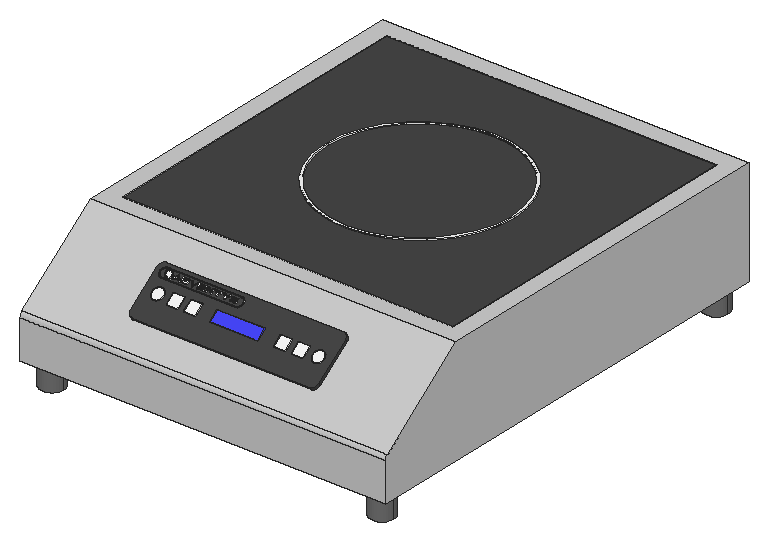
Revit family "QF_ADVENTYS_GLN_2500_PASTRY_250902082618", category Specialty Equipment, Revit 2021
Family settings
  Round Connector Dimension = Use Diameter
  Part Type = Normal
  OmniClass Number = 23.40.40.14
  OmniClass Title = Food Service Equipment
  Work Plane-Based = No
  Always vertical = Yes
  Cut with Voids When Loaded = No
  Shared = No
  Room Calculation Point = No
Parameters (values of type "ADV1870")
  Weight in Pounds [instance] = 0
  Weight = 4.40 kg
  Warranty Start Date [instance] = ""
  Warranty Duration [instance] = ""
  Volts [instance] = 230 V
  URL Recommended Spares List = ""
  URL Manufacturer = ""
  URL Cutsheet = ""
  URL Critical Spares List = ""
  URL = "www.adventys.com"
  Tag Number [instance] = ""
  Status [instance] = ""
  Specification by User [instance] = ""
  Specification by Manufacturer [instance] = ""
  Sound Level [instance] = ""
  Solid Fuel Type [instance] = ""
  Service Life Duration [instance] = ""
  Serial Number [instance] = ""
  Seismic Rating [instance] = ""
  SMACNA No [instance] = ""
  Revision Code [instance] = ""
  Revision [instance] = ""
  Production Year [instance] = ""
  Point Load [instance] = 0
  Phase [instance] = 1
  Other Equipment Approvals [instance] = ""
  Number of Poles [instance] = 2
  NAFEM Spec ID Number [instance] = ""
  Model Warning [instance] = ""
  Model = "GLN 2500 PASTRY"
  Min Ckt Ampacity [instance] = 0 A
  Max Overcurrent Protection [instance] = 16 A
  Masterspec [instance] = ""
  Manufacturer = "ADVENTYS"
  Length Actual = 310 mm
  Item Number [instance] = ""
  Installed By [instance] = ""
  Installation Date [instance] = ""
  Identify Quantity as Lot [instance] = no
  ID [instance] = ""
  Hygiene Approval [instance] = ""
  Hot Water Consumption = 0.0 L/s
  Height Actual = 110 mm
  HP power [instance] = ""
  Furnished By [instance] = ""
  Foodservice Equipment Identifier [instance] = no
  FL Amps [instance] = 11 A
  Electrical Remarks [instance] = "Plug not included"
  Electric power [instance] = 0 W
  Electric Connection Type [instance] = "Cord&Plug"
  Elec Conn RI Height [instance] = 0 mm
  Elec Conn Connection Height [instance] = 0 mm
  ETL Approved [instance] = no
  Description = "1 ZONE UNIT – FREESTANDING INDUCTION COOKING APPLIANCE-2500W"
  Depth Actual = 385 mm
  Default Elevation = 0 mm
  Cycle [instance] = 50 Hz
  Cost = 0
  Conn Plug [instance] = ""
  Conn Conduit [instance] = no
  CSI MasterFormat [instance] = ""
  CE Approved [instance] = no
  Barcode [instance] = 0
  Author [instance] = ""
  Asset Identifier [instance] = ""
  Apparent Power [instance] = 2500 VA
  Accessory = no
Reference planes
  plane 1 "Center (Front/Back)": y = 0
  plane 2: z = 0
  plane 3 "Center (Left/Right)": x = 0
Forms (mm)
  Extrusion 1, solid, not visible
    sketch origin (155.008, -15.001, 20.001) x (1, 0, 0) y (0, 1, 0)
      loop
        line (-2, 2) -> (-2, -2) -> (2, -2) -> (2, 2) -> (-2, 2)
    from -2 to 2
Dimensions and locks
  locked: nested 2 to Extrusion 1 at 2  (x2)
  aligned and locked: level to plane 2
Nested families
  nested 1: "QF_ADVENTYS_ADV1869_2916" at (0, 0, 0), type "ADV1870"
    with Status "", Show Logo yes, Show Clearance yes
  nested 2: "CONN_POINT_ELE_2D___Generic_Annotation" at (155.008, -15.001, 18.001), type "CONN_POINT_ELE_2D___Generic_Annotation"
    with Onboard connection annotation symbol visibility yes
Connectors
  electrical at (155.008, -15.001, 18.001), driven by "Apparent Power", driven by "Number of Poles", driven by "Volts"
    settings: on Extrusion 1, index 1, voltage 230 V, apparent load 0 VA, apparent load phase1 2500 VA, apparent load phase2 0 VA, apparent load phase3 0 VA, power factor 1, load classification "Other", number of poles 2, system type 31, power factor state 1, is connector primary yes, connector utility no, sub classification motor no, connector description "Electrical connection for GLN 2500 PASTRY"
Definition of nested family "QF_ADVENTYS_ADV1869_2916"
  Parameters (values of type "ADV1870")
    URL = "www.adventys.com"
    Status [instance] = ""
    Show Logo [instance] = yes
    Show Clearance [instance] = yes
    Model = "GLN 2500 PASTRY"
    Manufacturer = "ADVENTYS"
    Description = "1 ZONE UNIT – FREESTANDING INDUCTION COOKING APPLIANCE-2500W"
    Default Elevation = 0 mm
    Author = "SPECIFI"
    Assembly Code = "E1090320"
  Types (3, lengths in mm): name | Model | Description
    ADV1702 | "GLN 3500" | "1 ZONE UNIT – FREESTANDING INDUCTION COOKING APPLIANCE-3500W"
    ADV1870 | "GLN 2500 PASTRY" | "1 ZONE UNIT – FREESTANDING INDUCTION COOKING APPLIANCE-2500W"
    ADV1869 | "GLN 3000" | "1 ZONE UNIT – FREESTANDING INDUCTION COOKING APPLIANCE-3000W"
  Reference planes
    plane 1 "Back": y = 0
    plane 2: z = 0
    plane 3 "Left": x = 0
    plane 4 "Right": x = 310
    plane 5 "Front": y = -385
    plane 6 "Top": z = 110
    plane 7: x = 155
    plane 8: y = -155
  Forms (mm)
    Extrusion 1, solid
      sketch origin (0, 0, 0) x (1, 0, 0) y (0, 1, 0)
        loop
          line (0, 0) -> (0, -310) -> (310, -310) -> (310, 0) -> (0, 0)
        loop
          line (15, -15) -> (15, -295) -> (295, -295) -> (295, -15) -> (15, -15)
      from 20 to 110
    Extrusion 2, solid
      sketch origin (0, 0, 0) x (1, 0, 0) y (0, 1, 0)
        loop
          line (15, -15) -> (15, -295) -> (295, -295) -> (295, -15) -> (15, -15)
      from 101.726 to 110
    Extrusion 3, solid
      sketch origin (0, 0, -19.538) x (1, 0, 0) y (0, 1, 0)
        loop
          circle (155, -155) r 80
        loop
          circle (155, -155) r 78
      from 128 to 130
    Extrusion 4, solid
      sketch origin (0, 0, 0) x (0, 1, 0) y (0, 0, 1)
        loop
          line (-310, 20) -> (-310, 110) -> (-382.957, 56.498)
          arc (-382.957, 56.498) -> (-384.46, 54.726) -> (-385, 52.466) r 5
          line (-385, 52.466) -> (-385, 20) -> (-310, 20)
      from 0 to 310
    Extrusion 5, solid
      sketch origin (0, 0, -81.726) x (1, 0, 0) y (0, 1, 0)
        loop
          line (15, -15) -> (15, -295) -> (295, -295) -> (295, -15) -> (15, -15)
      from 101.726 to 110
    Extrusion 6, solid
      sketch origin (0, 0, 0) x (1, 0, 0) y (0, 1, 0)
        loop
          circle (15, -15) r 10
        loop
          circle (295, -15) r 10
        loop
          circle (295, -370) r 10
        loop
          circle (15, -370) r 10
      from 0 to 20
    Extrusion 7, solid
      sketch origin (-4.081, 0, 0) x (0, 1, 0) y (0, 0, 1)
        loop
          line (0, 97.125) -> (0, 91.484) -> (5.641, 91.484)
          arc (5.641, 91.484) -> (3.989, 95.473) -> (0, 97.125) r 5.641
        loop
          line (0, 79.125) -> (0, 73.484) -> (5.641, 73.484)
          arc (5.641, 73.484) -> (3.989, 77.473) -> (0, 79.125) r 5.641
        loop
          line (0, 61.125) -> (0, 55.484) -> (5.641, 55.484)
          arc (5.641, 55.484) -> (3.989, 59.473) -> (0, 61.125) r 5.641
        loop
          line (0, 43.125) -> (0, 37.484) -> (5.641, 37.484)
          arc (5.641, 37.484) -> (3.989, 41.473) -> (0, 43.125) r 5.641
      from 140.518 to 177.644
    Extrusion 8, solid
      sketch origin (53.045, 0, 0) x (0, 1, 0) y (0, 0, 1)
        loop
          line (0, 97.125) -> (0, 91.484) -> (5.641, 91.484)
          arc (5.641, 91.484) -> (3.989, 95.473) -> (0, 97.125) r 5.641
        loop
          line (0, 79.125) -> (0, 73.484) -> (5.641, 73.484)
          arc (5.641, 73.484) -> (3.989, 77.473) -> (0, 79.125) r 5.641
        loop
          line (0, 61.125) -> (0, 55.484) -> (5.641, 55.484)
          arc (5.641, 55.484) -> (3.989, 59.473) -> (0, 61.125) r 5.641
        loop
          line (0, 43.125) -> (0, 37.484) -> (5.641, 37.484)
          arc (5.641, 37.484) -> (3.989, 41.473) -> (0, 43.125) r 5.641
      from 140.518 to 177.644
    Extrusion 9, solid
      sketch origin (110.172, 0, 0) x (0, 1, 0) y (0, 0, 1)
        loop
          line (0, 97.125) -> (0, 91.484) -> (5.641, 91.484)
          arc (5.641, 91.484) -> (3.989, 95.473) -> (0, 97.125) r 5.641
        loop
          line (0, 79.125) -> (0, 73.484) -> (5.641, 73.484)
          arc (5.641, 73.484) -> (3.989, 77.473) -> (0, 79.125) r 5.641
        loop
          line (0, 61.125) -> (0, 55.484) -> (5.641, 55.484)
          arc (5.641, 55.484) -> (3.989, 59.473) -> (0, 61.125) r 5.641
        loop
          line (0, 43.125) -> (0, 37.484) -> (5.641, 37.484)
          arc (5.641, 37.484) -> (3.989, 41.473) -> (0, 43.125) r 5.641
      from 140.518 to 177.644
    Extrusion 10, solid
      sketch origin (256.955, 0, 0) x (0, 1, 0) y (0, 0, -1)
        loop
          arc (0, -97.125) -> (3.989, -95.473) -> (5.641, -91.484) r 5.641
          line (5.641, -91.484) -> (0, -91.484) -> (0, -97.125)
        loop
          arc (0, -79.125) -> (3.989, -77.473) -> (5.641, -73.484) r 5.641
          line (5.641, -73.484) -> (0, -73.484) -> (0, -79.125)
        loop
          arc (0, -61.125) -> (3.989, -59.473) -> (5.641, -55.484) r 5.641
          line (5.641, -55.484) -> (0, -55.484) -> (0, -61.125)
        loop
          arc (0, -43.125) -> (3.989, -41.473) -> (5.641, -37.484) r 5.641
          line (5.641, -37.484) -> (0, -37.484) -> (0, -43.125)
      from 140.518 to 177.644
    Extrusion 11, solid
      sketch origin (199.828, 0, 0) x (0, 1, 0) y (0, 0, -1)
        loop
          arc (0, -97.125) -> (3.989, -95.473) -> (5.641, -91.484) r 5.641
          line (5.641, -91.484) -> (0, -91.484) -> (0, -97.125)
        loop
          arc (0, -79.125) -> (3.989, -77.473) -> (5.641, -73.484) r 5.641
          line (5.641, -73.484) -> (0, -73.484) -> (0, -79.125)
        loop
          arc (0, -61.125) -> (3.989, -59.473) -> (5.641, -55.484) r 5.641
          line (5.641, -55.484) -> (0, -55.484) -> (0, -61.125)
        loop
          arc (0, -43.125) -> (3.989, -41.473) -> (5.641, -37.484) r 5.641
          line (5.641, -37.484) -> (0, -37.484) -> (0, -43.125)
      from 140.518 to 177.644
    Extrusion 12, solid
      sketch origin (0, 0, 0) x (1, 0, 0) y (0, 1, 0)
        loop
          circle (155, -15) r 10
      from 17.922 to 20
    Extrusion 13, solid
      sketch origin (0, 16.725, 172.268) x (1, 0, 0) y (0, 0.806405, 0.591364)
        loop
          arc (80, -323.032) -> (76.464, -324.496) -> (75, -328.032) r 5
          line (75, -328.032) -> (75, -363.032)
          arc (75, -363.032) -> (76.464, -366.568) -> (80, -368.032) r 5
          line (80, -368.032) -> (230, -368.032)
          arc (230, -368.032) -> (233.536, -366.568) -> (235, -363.032) r 5
          line (235, -363.032) -> (235, -328.032)
          arc (235, -328.032) -> (233.536, -324.496) -> (230, -323.032) r 5
          line (230, -323.032) -> (80, -323.032)
        loop
          circle (86.885, -345.532) r 5
        loop
          line (96.885, -341.532) -> (96.885, -349.532)
          arc (96.885, -349.532) -> (97.178, -350.239) -> (97.885, -350.532) r 1
          line (97.885, -350.532) -> (105.885, -350.532)
          arc (105.885, -350.532) -> (106.592, -350.239) -> (106.885, -349.532) r 1
          line (106.885, -349.532) -> (106.885, -341.532)
          arc (106.885, -341.532) -> (106.592, -340.825) -> (105.885, -340.532) r 1
          line (105.885, -340.532) -> (97.885, -340.532)
          arc (97.885, -340.532) -> (97.178, -340.825) -> (96.885, -341.532) r 1
        loop
          line (111.885, -341.532) -> (111.885, -349.532)
          arc (111.885, -349.532) -> (112.178, -350.239) -> (112.885, -350.532) r 1
          line (112.885, -350.532) -> (120.885, -350.532)
          arc (120.885, -350.532) -> (121.592, -350.239) -> (121.885, -349.532) r 1
          line (121.885, -349.532) -> (121.885, -341.532)
          arc (121.885, -341.532) -> (121.592, -340.825) -> (120.885, -340.532) r 1
          line (120.885, -340.532) -> (112.885, -340.532)
          arc (112.885, -340.532) -> (112.178, -340.825) -> (111.885, -341.532) r 1
        loop
          circle (223.115, -345.532) r 5
        loop
          arc (213.115, -341.532) -> (212.822, -340.825) -> (212.115, -340.532) r 1
          line (212.115, -340.532) -> (204.115, -340.532)
          arc (204.115, -340.532) -> (203.408, -340.825) -> (203.115, -341.532) r 1
          line (203.115, -341.532) -> (203.115, -349.532)
          arc (203.115, -349.532) -> (203.408, -350.239) -> (204.115, -350.532) r 1
          line (204.115, -350.532) -> (212.115, -350.532)
          arc (212.115, -350.532) -> (212.822, -350.239) -> (213.115, -349.532) r 1
          line (213.115, -349.532) -> (213.115, -341.532)
        loop
          arc (198.115, -341.532) -> (197.822, -340.825) -> (197.115, -340.532) r 1
          line (197.115, -340.532) -> (189.115, -340.532)
          arc (189.115, -340.532) -> (188.408, -340.825) -> (188.115, -341.532) r 1
          line (188.115, -341.532) -> (188.115, -349.532)
          arc (188.115, -349.532) -> (188.408, -350.239) -> (189.115, -350.532) r 1
          line (189.115, -350.532) -> (197.115, -350.532)
          arc (197.115, -350.532) -> (197.822, -350.239) -> (198.115, -349.532) r 1
          line (198.115, -349.532) -> (198.115, -341.532)
        loop
          line (134.135, -340.532) -> (134.135, -350.532) -> (174.814, -350.532) -> (174.814, -340.532) -> (134.135, -340.532)
      from 143 to 145
    Extrusion 14, solid
      sketch origin (0, 16.725, 172.268) x (1, 0, 0) y (0, 0.806405, 0.591364)
        loop
          circle (86.885, -345.532) r 5
        loop
          arc (97.885, -340.532) -> (97.178, -340.825) -> (96.885, -341.532) r 1
          line (96.885, -341.532) -> (96.885, -349.532)
          arc (96.885, -349.532) -> (97.178, -350.239) -> (97.885, -350.532) r 1
          line (97.885, -350.532) -> (105.885, -350.532)
          arc (105.885, -350.532) -> (106.592, -350.239) -> (106.885, -349.532) r 1
          line (106.885, -349.532) -> (106.885, -341.532)
          arc (106.885, -341.532) -> (106.592, -340.825) -> (105.885, -340.532) r 1
          line (105.885, -340.532) -> (97.885, -340.532)
        loop
          arc (112.885, -340.532) -> (112.178, -340.825) -> (111.885, -341.532) r 1
          line (111.885, -341.532) -> (111.885, -349.532)
          arc (111.885, -349.532) -> (112.178, -350.239) -> (112.885, -350.532) r 1
          line (112.885, -350.532) -> (120.885, -350.532)
          arc (120.885, -350.532) -> (121.592, -350.239) -> (121.885, -349.532) r 1
          line (121.885, -349.532) -> (121.885, -341.532)
          arc (121.885, -341.532) -> (121.592, -340.825) -> (120.885, -340.532) r 1
          line (120.885, -340.532) -> (112.885, -340.532)
        loop
          circle (223.115, -345.532) r 5
        loop
          line (212.115, -340.532) -> (204.115, -340.532)
          arc (204.115, -340.532) -> (203.408, -340.825) -> (203.115, -341.532) r 1
          line (203.115, -341.532) -> (203.115, -349.532)
          arc (203.115, -349.532) -> (203.408, -350.239) -> (204.115, -350.532) r 1
          line (204.115, -350.532) -> (212.115, -350.532)
          arc (212.115, -350.532) -> (212.822, -350.239) -> (213.115, -349.532) r 1
          line (213.115, -349.532) -> (213.115, -341.532)
          arc (213.115, -341.532) -> (212.822, -340.825) -> (212.115, -340.532) r 1
        loop
          line (197.115, -340.532) -> (189.115, -340.532)
          arc (189.115, -340.532) -> (188.408, -340.825) -> (188.115, -341.532) r 1
          line (188.115, -341.532) -> (188.115, -349.532)
          arc (188.115, -349.532) -> (188.408, -350.239) -> (189.115, -350.532) r 1
          line (189.115, -350.532) -> (197.115, -350.532)
          arc (197.115, -350.532) -> (197.822, -350.239) -> (198.115, -349.532) r 1
          line (198.115, -349.532) -> (198.115, -341.532)
          arc (198.115, -341.532) -> (197.822, -340.825) -> (197.115, -340.532) r 1
      from 143 to 145
    Extrusion 15, solid, visible <- "Show Logo"
      sketch origin (-4.557, 111.078, 202.063) x (1, 0, 0) y (0, 0.806405, 0.591364)
        loop
          arc (88.581, -421.313) -> (88.113, -421.507) -> (87.92, -421.974) r 0.661
          line (87.92, -421.974) -> (87.92, -423.61)
          arc (87.92, -423.61) -> (88.124, -424.087) -> (88.609, -424.27) r 0.661
          line (88.609, -424.27) -> (88.609, -423.032)
          arc (88.609, -423.032) -> (88.952, -422.351) -> (89.662, -422.077) r 1.058
          line (89.662, -422.077) -> (92.486, -422.077)
          arc (92.486, -422.077) -> (92.335, -421.544) -> (91.833, -421.313) r 0.661
          line (91.833, -421.313) -> (88.581, -421.313)
        loop
          arc (88.581, -420.916) -> (87.833, -421.226) -> (87.523, -421.974) r 1.058
          line (87.523, -421.974) -> (87.523, -423.61)
          arc (87.523, -423.61) -> (87.843, -424.368) -> (88.609, -424.667) r 1.058
          arc (88.609, -424.667) -> (88.88, -425.483) -> (89.667, -425.828) r 1.058
          arc (89.667, -425.828) -> (89.974, -426.583) -> (90.725, -426.896) r 1.058
          line (90.725, -426.896) -> (93.719, -426.896)
          arc (93.719, -426.896) -> (94.467, -426.586) -> (94.777, -425.838) r 1.058
          line (94.777, -425.838) -> (94.777, -424.306)
          arc (94.777, -424.306) -> (94.463, -423.554) -> (93.708, -423.248) r 1.058
          arc (93.708, -423.248) -> (93.515, -422.517) -> (92.883, -422.101) r 1.058
          arc (92.883, -422.101) -> (92.625, -421.273) -> (91.833, -420.916) r 1.058
          line (91.833, -420.916) -> (88.581, -420.916)
        loop
          arc (93.719, -426.499) -> (94.187, -426.306) -> (94.38, -425.838) r 0.661
          line (94.38, -425.838) -> (94.38, -424.306)
          arc (94.38, -424.306) -> (94.185, -423.837) -> (93.714, -423.645) r 0.661
          line (93.714, -423.645) -> (93.714, -424.77)
          arc (93.714, -424.77) -> (93.404, -425.518) -> (92.656, -425.828) r 1.058
          line (92.656, -425.828) -> (90.064, -425.828)
          arc (90.064, -425.828) -> (90.254, -426.302) -> (90.725, -426.499) r 0.661
          line (90.725, -426.499) -> (93.719, -426.499)
        loop
          arc (95.546, -425.156) -> (95.587, -425.684) -> (96.116, -425.67) r 0.384
          line (96.116, -425.67) -> (96.845, -424.94) -> (99.743, -424.94) -> (100.472, -425.67)
          arc (100.472, -425.67) -> (101.001, -425.684) -> (101.042, -425.156) r 0.384
          line (101.042, -425.156) -> (98.294, -421.762) -> (95.546, -425.156)
        loop
          line (98.294, -423.127) -> (97.364, -424.275) -> (99.224, -424.275) -> (98.294, -423.127)
        loop
          line (102.315, -421.827) -> (102.315, -425.732) -> (105.995, -425.732)
          arc (105.995, -425.732) -> (107.947, -423.78) -> (105.995, -421.827) r 1.953
          line (105.995, -421.827) -> (102.315, -421.827)
        loop
          line (105.995, -422.854) -> (103.343, -422.854) -> (103.343, -424.705) -> (105.995, -424.705)
          arc (105.995, -424.705) -> (106.92, -423.78) -> (105.995, -422.854) r 0.925
        loop
          arc (109.84, -422.053) -> (109.312, -422.039) -> (109.27, -422.566) r 0.384
          line (109.27, -422.566) -> (112.019, -425.961) -> (114.767, -422.566)
          arc (114.767, -422.566) -> (114.725, -422.039) -> (114.197, -422.053) r 0.384
          line (114.197, -422.053) -> (112.019, -424.743) -> (109.84, -422.053)
        loop
          line (121.269, -421.781) -> (116.07, -421.781) -> (116.07, -425.732) -> (121.269, -425.732)
          arc (121.269, -425.732) -> (121.671, -425.331) -> (121.269, -424.93) r 0.401
          line (121.269, -424.93) -> (116.972, -424.93) -> (116.972, -424.139) -> (121.269, -424.139)
          arc (121.269, -424.139) -> (121.633, -423.775) -> (121.269, -423.412) r 0.363
          line (121.269, -423.412) -> (116.972, -423.412) -> (116.972, -422.583) -> (121.269, -422.583)
          arc (121.269, -422.583) -> (121.671, -422.182) -> (121.269, -421.781) r 0.401
        loop
          line (122.879, -422.331) -> (122.879, -425.274)
          arc (122.879, -425.274) -> (123.306, -425.701) -> (123.733, -425.274) r 0.427
          line (123.733, -425.274) -> (123.733, -423.122) -> (127.538, -425.5)
          arc (127.538, -425.5) -> (128.155, -425.516) -> (128.468, -424.984) r 0.608
          line (128.468, -424.984) -> (128.468, -422.254)
          arc (128.468, -422.254) -> (128.018, -421.804) -> (127.568, -422.254) r 0.45
          line (127.568, -422.254) -> (127.568, -424.337) -> (123.663, -421.897)
          arc (123.663, -421.897) -> (123.143, -421.883) -> (122.879, -422.331) r 0.513
        loop
          arc (130.273, -421.857) -> (129.778, -422.352) -> (130.273, -422.846) r 0.494
          line (130.273, -422.846) -> (132.065, -422.846) -> (132.065, -425.082)
          arc (132.065, -425.082) -> (132.54, -425.558) -> (133.016, -425.082) r 0.475
          line (133.016, -425.082) -> (133.016, -422.846) -> (134.724, -422.846)
          arc (134.724, -422.846) -> (135.218, -422.352) -> (134.724, -421.857) r 0.494
          line (134.724, -421.857) -> (130.273, -421.857)
        loop
          line (139.461, -423.175) -> (137.5, -421.853)
          arc (137.5, -421.853) -> (136.836, -421.982) -> (136.965, -422.646) r 0.479
          line (136.965, -422.646) -> (138.926, -423.969) -> (138.926, -425.108)
          arc (138.926, -425.108) -> (139.461, -425.643) -> (139.997, -425.108) r 0.535
          line (139.997, -425.108) -> (139.997, -423.969) -> (141.958, -422.646)
          arc (141.958, -422.646) -> (142.087, -421.982) -> (141.423, -421.853) r 0.479
          line (141.423, -421.853) -> (139.461, -423.175)
        loop
          line (148.501, -421.857) -> (144.795, -421.857)
          arc (144.795, -421.857) -> (143.661, -422.991) -> (144.795, -424.125) r 1.134
          line (144.795, -424.125) -> (147.852, -424.125)
          arc (147.852, -424.125) -> (148.265, -424.538) -> (147.852, -424.951) r 0.413
          line (147.852, -424.951) -> (144.128, -424.951)
          arc (144.128, -424.951) -> (143.786, -425.292) -> (144.128, -425.634) r 0.342
          line (144.128, -425.634) -> (148.218, -425.634)
          arc (148.218, -425.634) -> (148.994, -424.394) -> (147.885, -423.44) r 1.122
          line (147.885, -423.44) -> (144.736, -423.44)
          arc (144.736, -423.44) -> (144.286, -422.99) -> (144.736, -422.541) r 0.45
          line (144.736, -422.541) -> (148.501, -422.541)
          arc (148.501, -422.541) -> (148.843, -422.199) -> (148.501, -421.857) r 0.342
        loop
          arc (87.442, -420.162) -> (83.674, -423.931) -> (87.442, -427.699) r 3.769
          line (87.442, -427.699) -> (150.103, -427.699)
          arc (150.103, -427.699) -> (153.872, -423.931) -> (150.103, -420.162) r 3.769
          line (150.103, -420.162) -> (87.442, -420.162)
        loop
          arc (87.442, -419.771) -> (83.283, -423.931) -> (87.442, -428.091) r 4.16
          line (87.442, -428.091) -> (150.103, -428.091)
          arc (150.103, -428.091) -> (154.263, -423.931) -> (150.103, -419.771) r 4.16
          line (150.103, -419.771) -> (87.442, -419.771)
      from 176.77 to 176.97
    Extrusion 16, solid
      sketch origin (17.5, 16.725, 172.268) x (1, 0, 0) y (0, 0.806405, 0.591364)
        loop
          line (116.635, -340.532) -> (116.635, -350.532) -> (157.314, -350.532) -> (157.314, -340.532) -> (116.635, -340.532)
      from 143 to 145
  Cuts and joins
    joined: Extrusion 1, Extrusion 4
  Lines and regions (mm)
    symbolic lines
      curve 1: line (310, 0, 0) -> (0, 0, 0)
      curve 2: line (0, 0, 0) -> (0, -385, 0)
      curve 3: line (310, -385, 0) -> (310, 0, 0)
      curve 4: line (0, -385, 0) -> (310, -385, 0)
      curve 5: circle (155, -155, 0) r 78 normal (0, 0, -1)
      curve 6: line (310, -310, 0) -> (0, -310, 0)
      curve 7: line (15, -15, 0) -> (15, -295, 0)
      curve 8: line (295, -15, 0) -> (15, -15, 0)
      curve 9: line (295, -295, 0) -> (295, -15, 0)
      curve 10: line (15, -295, 0) -> (295, -295, 0)
      curve 11: line (235, -361.773, 0) -> (235, -333.549, 0)
      curve 12: spline (230, -365.805, 0) -> (230.653, -365.771, 0) -> (231.294, -365.668, 0) -> (231.913, -365.498, 0) -> (232.5, -365.265, 0) -> (233.044, -364.972, 0) -> (233.536, -364.624, 0) -> (233.967, -364.228, 0) -> (234.33, -363.789, 0) -> (234.619, -363.316, 0) -> (234.83, -362.817, 0) -> (234.957, -362.3, 0) -> (235, -361.773, 0)
      curve 13: line (80, -365.805, 0) -> (230, -365.805, 0)
      curve 14: spline (75, -361.773, 0) -> (75.043, -362.3, 0) -> (75.17, -362.817, 0) -> (75.381, -363.316, 0) -> (75.67, -363.789, 0) -> (76.033, -364.228, 0) -> (76.464, -364.624, 0) -> (76.956, -364.972, 0) -> (77.5, -365.265, 0) -> (78.087, -365.498, 0) -> (78.706, -365.668, 0) -> (79.347, -365.771, 0) -> (80, -365.805, 0)
      curve 15: line (75, -333.549, 0) -> (75, -361.773, 0)
      curve 16: spline (80, -329.517, 0) -> (79.347, -329.552, 0) -> (78.706, -329.654, 0) -> (78.087, -329.824, 0) -> (77.5, -330.057, 0) -> (76.956, -330.35, 0) -> (76.464, -330.698, 0) -> (76.033, -331.095, 0) -> (75.67, -331.533, 0) -> (75.381, -332.006, 0) -> (75.17, -332.505, 0) -> (75.043, -333.023, 0) -> (75, -333.549, 0)
      curve 17: line (230, -329.517, 0) -> (80, -329.517, 0)
      curve 18: spline (235, -333.549, 0) -> (234.957, -333.023, 0) -> (234.83, -332.505, 0) -> (234.619, -332.006, 0) -> (234.33, -331.533, 0) -> (233.967, -331.095, 0) -> (233.536, -330.698, 0) -> (233.044, -330.35, 0) -> (232.5, -330.057, 0) -> (231.913, -329.824, 0) -> (231.294, -329.654, 0) -> (230.653, -329.552, 0) -> (230, -329.517, 0)
      curve 19: spline (228.115, -347.661, 0) -> (227.945, -346.618, 0) -> (227.445, -345.645, 0) -> (226.651, -344.81, 0) -> (225.615, -344.169, 0) -> (224.409, -343.766, 0) -> (223.115, -343.629, 0) -> (221.821, -343.766, 0) -> (220.615, -344.169, 0) -> (219.58, -344.81, 0) -> (218.785, -345.645, 0) -> (218.286, -346.618, 0) -> (218.115, -347.661, 0)
      curve 20: spline (218.115, -347.661, 0) -> (218.286, -348.705, 0) -> (218.785, -349.677, 0) -> (219.58, -350.512, 0) -> (220.615, -351.153, 0) -> (221.821, -351.556, 0) -> (223.115, -351.693, 0) -> (224.409, -351.556, 0) -> (225.615, -351.153, 0) -> (226.651, -350.512, 0) -> (227.445, -349.677, 0) -> (227.945, -348.705, 0) -> (228.115, -347.661, 0)
      curve 21: line (213.115, -350.887, 0) -> (213.115, -344.436, 0)
      curve 22: line (212.115, -343.629, 0) -> (204.115, -343.629, 0)
      curve 23: line (203.115, -344.436, 0) -> (203.115, -350.887, 0)
      curve 24: line (204.115, -351.693, 0) -> (212.115, -351.693, 0)
      curve 25: spline (204.115, -351.693, 0) -> (203.985, -351.686, 0) -> (203.857, -351.666, 0) -> (203.733, -351.632, 0) -> (203.615, -351.585, 0) -> (203.507, -351.527, 0) -> (203.408, -351.457, 0) -> (203.322, -351.378, 0) -> (203.249, -351.29, 0) -> (203.191, -351.195, 0) -> (203.149, -351.095, 0) -> (203.124, -350.992, 0) -> (203.115, -350.887, 0)
      curve 26: spline (213.115, -344.436, 0) -> (213.107, -344.33, 0) -> (213.081, -344.227, 0) -> (213.039, -344.127, 0) -> (212.981, -344.032, 0) -> (212.909, -343.945, 0) -> (212.822, -343.865, 0) -> (212.724, -343.796, 0) -> (212.615, -343.737, 0) -> (212.498, -343.69, 0) -> (212.374, -343.657, 0) -> (212.246, -343.636, 0) -> (212.115, -343.629, 0)
      curve 27: spline (212.115, -351.693, 0) -> (212.246, -351.686, 0) -> (212.374, -351.666, 0) -> (212.498, -351.632, 0) -> (212.615, -351.585, 0) -> (212.724, -351.527, 0) -> (212.822, -351.457, 0) -> (212.909, -351.378, 0) -> (212.981, -351.29, 0) -> (213.039, -351.195, 0) -> (213.081, -351.095, 0) -> (213.107, -350.992, 0) -> (213.115, -350.887, 0)
      curve 28: spline (203.115, -344.436, 0) -> (203.124, -344.33, 0) -> (203.149, -344.227, 0) -> (203.191, -344.127, 0) -> (203.249, -344.032, 0) -> (203.322, -343.945, 0) -> (203.408, -343.865, 0) -> (203.507, -343.796, 0) -> (203.615, -343.737, 0) -> (203.733, -343.69, 0) -> (203.857, -343.657, 0) -> (203.985, -343.636, 0) -> (204.115, -343.629, 0)
      curve 29: line (198.115, -350.887, 0) -> (198.115, -344.436, 0)
      curve 30: line (197.115, -343.629, 0) -> (189.115, -343.629, 0)
      curve 31: line (188.115, -344.436, 0) -> (188.115, -350.887, 0)
      curve 32: line (189.115, -351.693, 0) -> (197.115, -351.693, 0)
      curve 33: spline (189.115, -351.693, 0) -> (188.985, -351.686, 0) -> (188.857, -351.666, 0) -> (188.733, -351.632, 0) -> (188.615, -351.585, 0) -> (188.507, -351.527, 0) -> (188.408, -351.457, 0) -> (188.322, -351.378, 0) -> (188.249, -351.29, 0) -> (188.191, -351.195, 0) -> (188.149, -351.095, 0) -> (188.124, -350.992, 0) -> (188.115, -350.887, 0)
      curve 34: spline (198.115, -344.436, 0) -> (198.107, -344.33, 0) -> (198.081, -344.227, 0) -> (198.039, -344.127, 0) -> (197.981, -344.032, 0) -> (197.909, -343.945, 0) -> (197.822, -343.865, 0) -> (197.724, -343.796, 0) -> (197.615, -343.737, 0) -> (197.498, -343.69, 0) -> (197.374, -343.657, 0) -> (197.246, -343.636, 0) -> (197.115, -343.629, 0)
      curve 35: spline (197.115, -351.693, 0) -> (197.246, -351.686, 0) -> (197.374, -351.666, 0) -> (197.498, -351.632, 0) -> (197.615, -351.585, 0) -> (197.724, -351.527, 0) -> (197.822, -351.457, 0) -> (197.909, -351.378, 0) -> (197.981, -351.29, 0) -> (198.039, -351.195, 0) -> (198.081, -351.095, 0) -> (198.107, -350.992, 0) -> (198.115, -350.887, 0)
      curve 36: spline (188.115, -344.436, 0) -> (188.124, -344.33, 0) -> (188.149, -344.227, 0) -> (188.191, -344.127, 0) -> (188.249, -344.032, 0) -> (188.322, -343.945, 0) -> (188.408, -343.865, 0) -> (188.507, -343.796, 0) -> (188.615, -343.737, 0) -> (188.733, -343.69, 0) -> (188.857, -343.657, 0) -> (188.985, -343.636, 0) -> (189.115, -343.629, 0)
      curve 37: spline (81.885, -347.661, 0) -> (82.055, -346.618, 0) -> (82.555, -345.645, 0) -> (83.349, -344.81, 0) -> (84.385, -344.169, 0) -> (85.591, -343.766, 0) -> (86.885, -343.629, 0) -> (88.179, -343.766, 0) -> (89.385, -344.169, 0) -> (90.42, -344.81, 0) -> (91.215, -345.645, 0) -> (91.714, -346.618, 0) -> (91.885, -347.661, 0)
      curve 38: spline (91.885, -347.661, 0) -> (91.714, -348.705, 0) -> (91.215, -349.677, 0) -> (90.42, -350.512, 0) -> (89.385, -351.153, 0) -> (88.179, -351.556, 0) -> (86.885, -351.693, 0) -> (85.591, -351.556, 0) -> (84.385, -351.153, 0) -> (83.349, -350.512, 0) -> (82.555, -349.677, 0) -> (82.055, -348.705, 0) -> (81.885, -347.661, 0)
      curve 39: line (96.885, -350.887, 0) -> (96.885, -344.436, 0)
      curve 40: line (97.885, -343.629, 0) -> (105.885, -343.629, 0)
      curve 41: line (106.885, -344.436, 0) -> (106.885, -350.887, 0)
      curve 42: line (105.885, -351.693, 0) -> (97.885, -351.693, 0)
      curve 43: spline (105.885, -351.693, 0) -> (106.015, -351.686, 0) -> (106.143, -351.666, 0) -> (106.267, -351.632, 0) -> (106.385, -351.585, 0) -> (106.493, -351.527, 0) -> (106.592, -351.457, 0) -> (106.678, -351.378, 0) -> (106.751, -351.29, 0) -> (106.809, -351.195, 0) -> (106.851, -351.095, 0) -> (106.876, -350.992, 0) -> (106.885, -350.887, 0)
      curve 44: spline (96.885, -344.436, 0) -> (96.893, -344.33, 0) -> (96.919, -344.227, 0) -> (96.961, -344.127, 0) -> (97.019, -344.032, 0) -> (97.091, -343.945, 0) -> (97.178, -343.865, 0) -> (97.276, -343.796, 0) -> (97.385, -343.737, 0) -> (97.502, -343.69, 0) -> (97.626, -343.657, 0) -> (97.754, -343.636, 0) -> (97.885, -343.629, 0)
      curve 45: spline (97.885, -351.693, 0) -> (97.754, -351.686, 0) -> (97.626, -351.666, 0) -> (97.502, -351.632, 0) -> (97.385, -351.585, 0) -> (97.276, -351.527, 0) -> (97.178, -351.457, 0) -> (97.091, -351.378, 0) -> (97.019, -351.29, 0) -> (96.961, -351.195, 0) -> (96.919, -351.095, 0) -> (96.893, -350.992, 0) -> (96.885, -350.887, 0)
      curve 46: spline (106.885, -344.436, 0) -> (106.876, -344.33, 0) -> (106.851, -344.227, 0) -> (106.809, -344.127, 0) -> (106.751, -344.032, 0) -> (106.678, -343.945, 0) -> (106.592, -343.865, 0) -> (106.493, -343.796, 0) -> (106.385, -343.737, 0) -> (106.267, -343.69, 0) -> (106.143, -343.657, 0) -> (106.015, -343.636, 0) -> (105.885, -343.629, 0)
      curve 47: line (111.885, -350.887, 0) -> (111.885, -344.436, 0)
      curve 48: line (112.885, -343.629, 0) -> (120.885, -343.629, 0)
      curve 49: line (121.885, -344.436, 0) -> (121.885, -350.887, 0)
      curve 50: line (120.885, -351.693, 0) -> (112.885, -351.693, 0)
      curve 51: spline (120.885, -351.693, 0) -> (121.015, -351.686, 0) -> (121.143, -351.666, 0) -> (121.267, -351.632, 0) -> (121.385, -351.585, 0) -> (121.493, -351.527, 0) -> (121.592, -351.457, 0) -> (121.678, -351.378, 0) -> (121.751, -351.29, 0) -> (121.809, -351.195, 0) -> (121.851, -351.095, 0) -> (121.876, -350.992, 0) -> (121.885, -350.887, 0)
      curve 52: spline (111.885, -344.436, 0) -> (111.893, -344.33, 0) -> (111.919, -344.227, 0) -> (111.961, -344.127, 0) -> (112.019, -344.032, 0) -> (112.091, -343.945, 0) -> (112.178, -343.865, 0) -> (112.276, -343.796, 0) -> (112.385, -343.737, 0) -> (112.502, -343.69, 0) -> (112.626, -343.657, 0) -> (112.754, -343.636, 0) -> (112.885, -343.629, 0)
      curve 53: spline (112.885, -351.693, 0) -> (112.754, -351.686, 0) -> (112.626, -351.666, 0) -> (112.502, -351.632, 0) -> (112.385, -351.585, 0) -> (112.276, -351.527, 0) -> (112.178, -351.457, 0) -> (112.091, -351.378, 0) -> (112.019, -351.29, 0) -> (111.961, -351.195, 0) -> (111.919, -351.095, 0) -> (111.893, -350.992, 0) -> (111.885, -350.887, 0)
      curve 54: spline (121.885, -344.436, 0) -> (121.876, -344.33, 0) -> (121.851, -344.227, 0) -> (121.809, -344.127, 0) -> (121.751, -344.032, 0) -> (121.678, -343.945, 0) -> (121.592, -343.865, 0) -> (121.493, -343.796, 0) -> (121.385, -343.737, 0) -> (121.267, -343.69, 0) -> (121.143, -343.657, 0) -> (121.015, -343.636, 0) -> (120.885, -343.629, 0)
      curve 55: line (134.135, -343.629, 0) -> (134.135, -351.693, 0)
      curve 56: line (174.814, -343.629, 0) -> (174.814, -351.693, 0)
      curve 57: line (134.135, -343.629, 0) -> (174.814, -343.629, 0)
      curve 58: line (134.135, -351.693, 0) -> (174.814, -351.693, 0)
  Dimensions and locks
    aligned and locked: level to plane 2
Definition of nested family "CONN_POINT_ELE_2D___Generic_Annotation"
  Parameters (values of type "CONN_POINT_ELE_2D___Generic_Annotation")
    Onboard connection annotation symbol visibility [instance] = yes
  Reference planes
    plane 1: y = 0
    plane 2: x = 0
  Lines and regions (mm)
    detail lines, visible <- "Onboard connection annotation symbol visibility"
      curve 1: circle (0, 0, 0) r 0.5 normal (0, 0, 1)
      curve 2: line (-1, 0, 0) -> (1, 0, 0)
      curve 3: line (0, 1, 0) -> (0, -1, 0)
      curve 4: line (2.5, 1, 0) -> (1.25, 1, 0)
      curve 5: line (1.25, 1, 0) -> (1.25, -1, 0)
      curve 6: line (1.25, -1, 0) -> (2.5, -1, 0)
      curve 7: line (1.25, 0, 0) -> (2, 0, 0)
